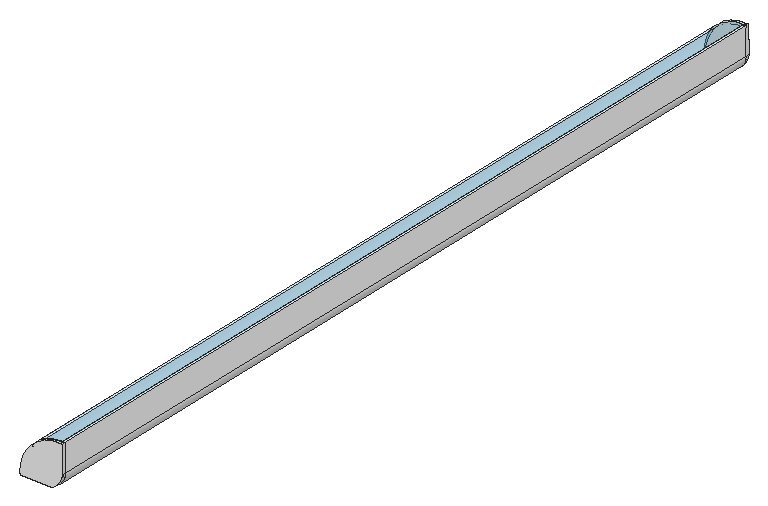
Revit family "A8-ZOMU-CRN", category Lighting Fixtures, Revit 2017
Family settings
  Round Connector Dimension = Use Diameter
  Part Type = Normal
  OmniClass Number = 23.80.70.00
  OmniClass Title = Lighting
  Work Plane-Based = Yes
  Always vertical = Yes
  Cut with Voids When Loaded = No
  Light Source = Yes
  Shared = No
  Room Calculation Point = No
Parameters (values of type "A8-ZOMU-CRN")
  Wattage = 9.2903 W
  built-in parameter 1150110 = 1 (stored number, unit not read)
  built-in parameter 1114217 = 1 (stored number, unit not read)
  Tilt Angle = 60.00°
  built-in parameter 1150109 = 1 (stored number, unit not read)
  built-in parameter 1150134 = 3
  built-in parameter 1150113 = 1 (stored number, unit not read)
  Photometric Web File = "generic"
  built-in parameter 1150142 = (empty or 0)
  built-in parameter 1150105 = 109.82 (stored number, unit not read)
  Lumens = 1380 lm
  built-in parameter 1150115 = 1 (stored number, unit not read)
  built-in parameter 1150137 = (empty or 0)
  built-in parameter 1150139 = (empty or 0)
  Length = 24.00"
  built-in parameter 1150112 = 1 (stored number, unit not read)
  built-in parameter 1150114 = 1 (stored number, unit not read)
  built-in parameter 1150132 = (empty or 0)
  built-in parameter 1150102 = (empty or 0)
  built-in parameter 1150107 = 3200 (stored number, unit not read)
  built-in parameter 1150138 = (empty or 0)
  built-in parameter 1150106 = 1.0982 (stored number, unit not read)
  Fixture Cap = Fixture Cap
  Fixture = Fixture
  Emit from Line Length = Length  # 24.00"
  built-in parameter 1150104 = 13.8 (stored number, unit not read)
  Dimming Lamp Color Temperature Shift = <None>
  Default Elevation = 48.00"
  Color Filter = 16777215
  built-in parameter 1114218 = 1 (stored number, unit not read)
  built-in parameter 1150133 = 10 (stored number, unit not read)
Reference planes (in)
  plane 1 "Light Source Axis (F/B)": y = 0
  plane 2: z = 0
  plane 3 "Light Source Axis (L/R)": x = 0
  plane 4 "Light Source Elevation": z = 80
  plane 5: y = 12
  plane 6: y = -12
  plane 7: y = 12.08062
  plane 8: y = -12.08063
Forms (in)
  Extrusion 1, solid, material "Fixture" <- "Fixture"
    sketch origin (-0.45508, 0, -0.07812) x (1, 0, 0) y (0, 0, 1)
      loop
        line (0.45313, 0.07812) -> (1.23313, 0.07812)
        arc (1.23313, 0.07812) -> (1.51597, 0.19528) -> (1.63313, 0.47812) r 0.4
        line (1.63313, 0.47812) -> (1.63313, 1.25812) -> (1.58313, 1.26185) -> (1.58313, 0.47812)
        arc (1.58313, 0.47812) -> (1.48061, 0.23064) -> (1.23313, 0.12812) r 0.35
        line (1.23313, 0.12812) -> (0.4494, 0.12812) -> (0.45313, 0.07812)
    from -12 to 12
  Extrusion 2, solid, material "Fixture Cap" <- "Fixture Cap"
    sketch origin (-0.45508, -4.28688, -0.42187) x (1, 0, 0) y (0, 0, -1)
      loop
        line (1.63313, -1.60187) -> (1.63313, -0.82187)
        arc (1.63313, -0.82187) -> (1.51597, -0.53903) -> (1.23313, -0.42187) r 0.4
        line (1.23313, -0.42187) -> (0.45313, -0.42187) -> (0.4494, -0.47187)
        arc (0.4494, -0.47187) -> (0.76432, -1.29068) -> (1.58313, -1.6056) r 1.08
        line (1.58313, -1.6056) -> (1.63313, -1.60187)
    from 16.3675 to 16.28688
  Extrusion 3, solid, material "Glass"
    sketch origin (-0.00195, 0, 0) x (1, 0, 0) y (0, 0, 1)
      loop
        arc (1.13, 1.18372) -> (0.3112, 0.8688) -> (-0.00372, 0.05) r 1.08
        line (-0.00372, 0.05) -> (0.04635, 0.05)
        arc (0.04635, 0.05) -> (0.34655, 0.83345) -> (1.13, 1.13365) r 1.03
        line (1.13, 1.13365) -> (1.13, 1.18372)
    from -12 to 12
  Extrusion 4, solid, material "Fixture Cap" <- "Fixture Cap"
    sketch origin (-0.45508, 4.28688, -0.42187) x (1, 0, 0) y (0, 0, 1)
      loop
        line (1.63313, 1.60187) -> (1.58313, 1.6056)
        arc (1.58313, 1.6056) -> (0.76432, 1.29068) -> (0.4494, 0.47187) r 1.08
        line (0.4494, 0.47187) -> (0.45313, 0.42187) -> (1.23313, 0.42187)
        arc (1.23313, 0.42187) -> (1.51597, 0.53903) -> (1.63313, 0.82187) r 0.4
        line (1.63313, 0.82187) -> (1.63313, 1.60187)
    from 16.3675 to 16.28687
Dimensions and locks (in)
  equal spacing: plane 5, plane 1 "Light Source Axis (F/B)", plane 6
  "Length": plane 5 to plane 6
  locked: plane 6 to plane 8 at 0.08063
  locked: plane 7 to plane 5 at 0.08062
  Extrusion 4 to plane 3 "Light Source Axis (L/R)" = 1.17805"
  Extrusion 1 to level = 1.18"
  radius of Extrusion 4 = 1.08"
  aligned and locked: level to plane 2
  aligned and locked: Extrusion 1 to plane 6
  aligned and locked: plane 5 to Extrusion 1
  aligned and locked: plane 5 to Extrusion 3
  aligned and locked: Extrusion 3 to plane 6
  aligned and locked: plane 7 to Extrusion 2
  aligned and locked: Extrusion 2 to plane 5
  aligned and locked: Extrusion 1 to Extrusion 2
  aligned and locked: Extrusion 3 to Extrusion 2  (x2)
  aligned and locked: Extrusion 2 to plane 7  (x2)
  aligned and locked: plane 5 to Extrusion 2
  aligned and locked: plane 6 to Extrusion 4
  aligned and locked: Extrusion 4 to plane 8
  aligned and locked: Extrusion 3 to Extrusion 4
  aligned and locked: Extrusion 3 to plane 5
  aligned and locked: Extrusion 3 to Extrusion 1
Automatic sketch dimensions
  Extrusion 1 sketch curve to Extrusion 1 sketch curve = 0.00"  (x2)
  Extrusion 1 sketch curve to level = 0.00"
  Extrusion 1 sketch curve to plane 3 "Light Source Axis (L/R)" = 0.00567"
  Extrusion 1 sketch curve to plane 3 "Light Source Axis (L/R)" = 0.00195"
  Extrusion 1 sketch curve to Extrusion 1 sketch curve = 0.78"  (x2)
  Extrusion 1 sketch curve to Extrusion 1 sketch curve = 0.35"
  Extrusion 1 sketch curve to Extrusion 1 sketch curve = 0.05"
  Extrusion 1 sketch curve to Extrusion 1 sketch curve = 0.00372"
  Extrusion 3 sketch curve to Extrusion 3 sketch curve = 0.00"  (x2)
  Extrusion 3 sketch curve to plane 3 "Light Source Axis (L/R)" = 0.00567"
  Extrusion 3 sketch curve to Extrusion 3 sketch curve = 0.05007"
  level to Extrusion 3 sketch curve = 0.10513"
  Extrusion 3 sketch curve to Extrusion 3 sketch curve = 1.02852"
  Extrusion 3 sketch curve to Extrusion 3 sketch curve = 0.05513"
  level to Extrusion 3 sketch curve = 0.05"
  Extrusion 4 sketch curve to level = 0.00"
  level to Extrusion 4 sketch curve = 0.40"
  plane 3 "Light Source Axis (L/R)" to Extrusion 4 sketch curve = 0.77805"
  Extrusion 4 sketch curve to Extrusion 4 sketch curve = 0.78"
  Extrusion 4 sketch curve to plane 3 "Light Source Axis (L/R)" = 0.00195"
  Extrusion 4 sketch curve to plane 3 "Light Source Axis (L/R)" = 0.00567"
  Extrusion 4 sketch curve to Extrusion 4 sketch curve = 0.05"
  level to Extrusion 4 sketch curve = 0.05"
  Extrusion 4 sketch curve to Extrusion 4 sketch curve = 0.00372"
  level to Extrusion 4 sketch curve = 0.10513"
  Extrusion 2 sketch curve to level = 0.00"
  Extrusion 2 sketch curve to plane 3 "Light Source Axis (L/R)" = 0.00567"
  Extrusion 2 sketch curve to plane 3 "Light Source Axis (L/R)" = 0.00195"
  Extrusion 2 sketch curve to Extrusion 2 sketch curve = 0.78"  (x2)
  Extrusion 2 sketch curve to Extrusion 2 sketch curve = 0.35"
  Extrusion 2 sketch curve to Extrusion 2 sketch curve = 0.10513"
  Extrusion 2 sketch curve to Extrusion 2 sketch curve = 0.00372"
